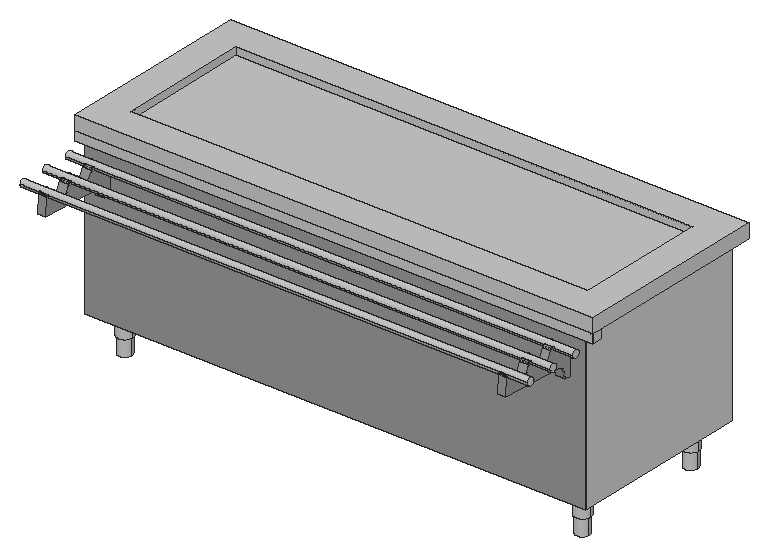
Revit family "QF_BOURGEAT_Self_meuble_cuve_froid_statique_baie_libre_6GN", category Equipement spécialisé, Revit 2015 (continued)
Definition of nested family "porte_groupe_froid"
  Dimensions and locks
    aligned and locked: Extrusion 10 sketch curve to plane 28
    aligned and locked: plane 29 to Extrusion 10 sketch curve
    aligned and locked: Extrusion 11 sketch curve to plane 30
    aligned and locked: plane 31 to Extrusion 11 sketch curve
    aligned and locked: Extrusion 12 sketch curve to plane 32
    aligned and locked: plane 33 to Extrusion 12 sketch curve
    aligned and locked: plane 12 to cut or joined group of Extrusion 1, Extrusion 2, Extrusion 3, Extrusion 4, Extrusion 5, Extrusion 6, Extrusion 7, Extrusion 8, Extrusion 9, Extrusion 10, Extrusion 11, Extrusion 12
  Automatic sketch dimensions
    Extrusion 2 sketch curve to Extrusion 2 sketch curve = 370 mm
    Extrusion 3 sketch curve to Extrusion 3 sketch curve = 370 mm
    Extrusion 4 sketch curve to Extrusion 4 sketch curve = 370 mm
    Extrusion 5 sketch curve to Extrusion 5 sketch curve = 370 mm
    Extrusion 6 sketch curve to Extrusion 6 sketch curve = 370 mm
    Extrusion 7 sketch curve to Extrusion 7 sketch curve = 370 mm
    Extrusion 8 sketch curve to Extrusion 8 sketch curve = 370 mm
    Extrusion 7 sketch curve to plane 12 = 0 mm
    Extrusion 6 sketch curve to plane 12 = 0 mm
    Extrusion 5 sketch curve to plane 12 = 0 mm
    Extrusion 4 sketch curve to plane 12 = 0 mm
    Extrusion 3 sketch curve to plane 12 = 0 mm
    Extrusion 2 sketch curve to plane 12 = 0 mm
    Extrusion 9 sketch curve to Extrusion 9 sketch curve = 370 mm
    Extrusion 10 sketch curve to Extrusion 10 sketch curve = 370 mm
    Extrusion 11 sketch curve to Extrusion 11 sketch curve = 370 mm
    Extrusion 12 sketch curve to Extrusion 12 sketch curve = 370 mm
    Extrusion 12 sketch curve to plane 12 = 0 mm
    Extrusion 11 sketch curve to plane 12 = 0 mm
    Extrusion 10 sketch curve to plane 12 = 0 mm
    Extrusion 9 sketch curve to plane 12 = 0 mm
    Extrusion 8 sketch curve to plane 12 = 0 mm
Types (25, lengths in mm): name | profondeur_cuve | presentoir | etageres | Roues | Puissance électrique  | Poids net à vide | Pieds | Modèle | Intensité nominale | Hauteur hors tout
  (no name) | 30 | no | no | no | 1000 W | 300.00 kg | yes | "853026" | 4.34783 A | 900
  baie _libre_cuve30 | 30 | no | no | no | 1000 W | 300.00 kg | yes | "853026" | 4.34783 A | 900
  baie _libre_cuve90 | 90 | no | no | no | 1000 W | 300.00 kg | yes | "853096" | 4.34783 A | 900
  baie _libre_cuve30_presentoir_lampe_fluorecente | 30 | yes | no | no | 1048 W | 330.00 kg | yes | "853026 + 853316" | 4.55652 A | 1330
  baie _libre_cuve30_presentoir_lampe_LED | 30 | yes | no | no | 1048 W | 330.00 kg | yes | "853026 + 853326" | 4.55652 A | 1330
  baie _libre_cuve90_presentoir_lampe_LED | 90 | yes | no | no | 1048 W | 330.00 kg | yes | "853096 + 853326" | 4.55652 A | 1330
  baie _libre_cuve90_presentoir_lampe_fluorecente | 90 | yes | no | no | 1048 W | 330.00 kg | yes | "853096 + 853316" | 4.55652 A | 1330
  baie _libre_cuve30_roues | 30 | no | no | yes | 1000 W | 300.00 kg | no | "853026 + 854950" | 4.34783 A | 900
  baie _libre_cuve90_roues | 90 | no | no | yes | 1000 W | 300.00 kg | no | "853096 + 854950" | 4.34783 A | 900
  baie _libre_cuve30_etageres | 30 | no | yes | no | 1000 W | 300.00 kg | yes | "853026 + 854916" | 4.34783 A | 900
  baie _libre_cuve90_etageres | 90 | no | yes | no | 1000 W | 300.00 kg | yes | "853096 + 854916" | 4.34783 A | 900
  baie _libre_cuve30_presentoir_lampe_fluorecente_etageres | 30 | yes | yes | no | 1048 W | 330.00 kg | yes | "853026 + 853316 + 854916" | 4.55652 A | 1330
  baie _libre_cuve30_presentoir_lampe_LED_etageres | 30 | yes | yes | no | 1048 W | 330.00 kg | yes | "853026 + 853326 + 854916" | 4.55652 A | 1330
  baie _libre_cuve90_presentoir_lampe_fluorecente_etageres | 90 | yes | yes | no | 1048 W | 330.00 kg | yes | "853096 + 853316 + 854916" | 4.55652 A | 1330
  baie _libre_cuve90_presentoir_lampe_LED_etageres | 90 | yes | yes | no | 1048 W | 330.00 kg | yes | "853096 + 853326 + 854916" | 4.55652 A | 1330
  baie _libre_cuve30_presentoir_lampe_fluorecente_roues | 30 | yes | no | no | 1048 W | 330.00 kg | yes | "853026 + 853316 + 854950" | 4.55652 A | 1330
  baie _libre_cuve30_presentoir_lampe_LED_roues | 30 | yes | no | yes | 1048 W | 330.00 kg | yes | "853026 + 853326 + 854950" | 4.55652 A | 1330
  baie _libre_cuve90_presentoir_lampe_fluorecente_roues | 90 | yes | no | yes | 1048 W | 330.00 kg | yes | "853096 + 853316 + 854950" | 4.55652 A | 1330
  baie _libre_cuve90_presentoir_lampe_LED_roues | 90 | yes | no | yes | 1048 W | 330.00 kg | yes | "853096 + 853326 + 854950" | 4.55652 A | 1330
  baie _libre_cuve30_etageres_roues | 30 | no | yes | yes | 1000 W | 300.00 kg | yes | "853026 + 854916 + 854950" | 4.34783 A | 900
  baie _libre_cuve90_etageres_roues | 90 | no | yes | yes | 1000 W | 300.00 kg | yes | "853096 + 854916 + 854950" | 4.34783 A | 900
  baie _libre_cuve30_presentoir_lampe_fluorecente_etageres_roues | 30 | yes | yes | yes | 1048 W | 330.00 kg | yes | "853026 + 853316 + 854916 + 854950" | 4.55652 A | 1330
  baie _libre_cuve30_presentoir_lampe_LED_etageres_roues | 30 | yes | yes | yes | 1048 W | 330.00 kg | yes | "853026 + 853326 + 854916 + 854950" | 4.55652 A | 1330
  baie _libre_cuve90_presentoir_lampe_fluorecente_etageres_roues | 90 | yes | yes | yes | 1048 W | 330.00 kg | yes | "853096 + 853316 + 854916 + 854950" | 4.55652 A | 1330
  baie _libre_cuve90_presentoir_lampe_LED_etageres_roues | 90 | yes | yes | yes | 1048 W | 330.00 kg | yes | "853096 + 853326 + 854916 + 854950" | 4.55652 A | 1330
